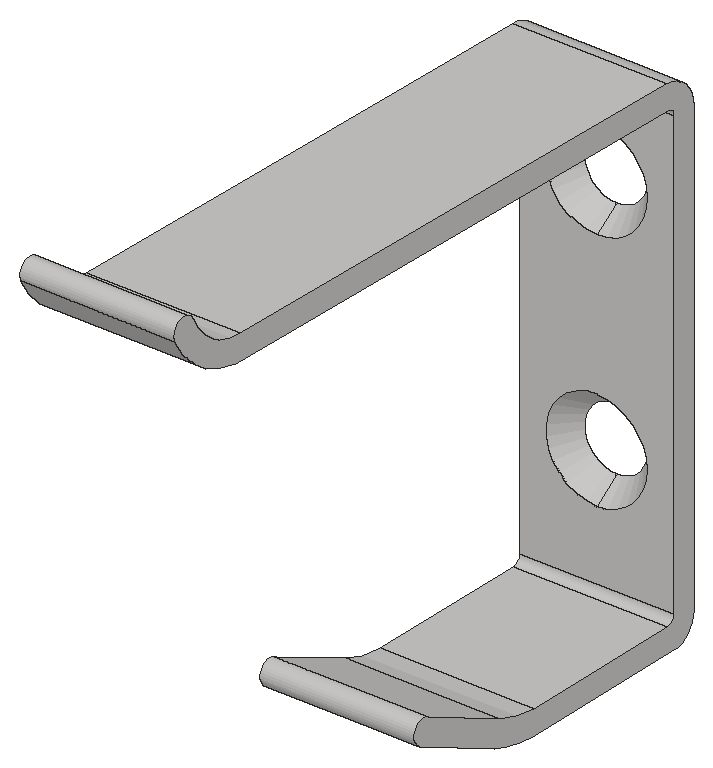
Revit family "Specialty Equipment_Coat Hook_Metlam_ML415923ab96f4-a329-4f78-be12-ca287680a4ae", category Specialty Equipment, Revit 2014
Parameters (values of type "19w x 70h x 80d")
  Type Comments = "ML4159"
  URL = "www.metlam.com.au"
  ModifiedIssue_ANZRS = 20150101  # constant formula
  Model = "ML4159"
  Material = z_Metlam_Metal_Stainless Steel Satin
  Manufacturer_URL__Product Specific = "http://www.metlam.com.au/product/content/hooks/ML4159"
  Manufacturer_Spec Code = Model  # "ML4159"
  Manufacturer_Overall Width = 19 mm  # constant formula
  Manufacturer_Overall Height = 70 mm  # constant formula
  Manufacturer_Overall Depth = 80 mm  # constant formula
  Manufacturer_Height From FFL [instance] = 1400 mm
  Manufacturer = "Metlam"  # constant formula
  Keynote = ""
  Description = "Coat Hook"
  CreatedBy_ANZRS = "IGS - BIM SOLUTIONS"  # constant formula
  CreatedByURL_ANZRS = "http://www.igsgroup.com.au"
  Assembly Code = "C1030200"
Reference planes
  plane 1 "Center (Front/Back)": y = 0
  plane 2: z = 0
  plane 3 "Center (Left/Right)": x = 0
  plane 4 "Coat Hook Left": x = -9.5
  plane 5 "Coat Hook Right": x = 9.5
  plane 6 "MountingHeight": z = 1400
  plane 7 "Coat Hook Top": z = 1435
  plane 8 "Coat Hook Bottom": z = 1365
  plane 9: y = -10
  plane 10 "Coat Hook  Front": y = -80
Forms (mm)
  Extrusion 1, solid, material "z_Metlam_Metal_Stainless Steel Satin"
    sketch origin (0, 0, 0) x (0, 1, 0) y (0, 0, 1)
      loop
        line (0, 1368) -> (0, 1423.8)
        arc (0, 1423.8) -> (-1.212, 1426.767) -> (-4.155, 1428.036) r 4.237
        line (-4.155, 1428.036) -> (-69.734, 1429.316)
        arc (-69.734, 1429.316) -> (-74.125, 1430.663) -> (-77.142, 1434.126) r 8.361
        arc (-77.142, 1434.126) -> (-79.144, 1434.844) -> (-79.851, 1432.839) r 1.5
        arc (-79.851, 1432.839) -> (-76.066, 1428.385) -> (-70.587, 1426.35) r 11.568
        line (-70.587, 1426.35) -> (-3.98, 1425.05)
        arc (-3.98, 1425.05) -> (-3.286, 1424.75) -> (-3, 1424.05) r 1
        line (-3, 1424.05) -> (-3, 1368.984)
        arc (-3, 1368.984) -> (-3.288, 1368.288) -> (-3.984, 1368) r 0.984
        line (-3.984, 1368) -> (-24.49, 1368)
        arc (-24.49, 1368) -> (-27.225, 1368.352) -> (-29.836, 1369.238) r 13.865
        line (-29.836, 1369.238) -> (-40.911, 1374.274)
        arc (-40.911, 1374.274) -> (-42.898, 1373.53) -> (-42.153, 1371.543) r 1.5
        line (-42.153, 1371.543) -> (-30.636, 1366.306)
        arc (-30.636, 1366.306) -> (-27.741, 1365.347) -> (-24.709, 1365.022) r 14.319
        line (-24.709, 1365.022) -> (-3, 1365)
        arc (-3, 1365) -> (-0.879, 1365.879) -> (0, 1368) r 3
    from -9.5 to 9.5
  Revolve 2, void
    sketch origin (0, 0, -7.812) x (0, 1, 0) y (0, 0, 1)
      loop
        line (0.488, 1421.563) -> (0.488, 1425.197) -> (-4, 1428.563) -> (-4, 1421.563) -> (0.488, 1421.563)
      axis (0.488, 1421.563) -> (-4, 1421.563)
    angle from 0 to 360
  Revolve 3, void
    sketch origin (0, 0, -39.531) x (0, 1, 0) y (0, 0, 1)
      loop
        line (0.831, 1423.281) -> (0.831, 1426.627) -> (-3.573, 1429.93) -> (-3.573, 1423.281) -> (0.831, 1423.281)
      axis (0.831, 1423.281) -> (-3.573, 1423.281)
    angle from 0 to 360
Cuts and joins
  Revolve 2, Revolve 3 cuts Extrusion 1
Lines and regions (mm)
  Masking region 1
    outline origin (-737.698, -1524, 1435) x (-1, 0, 0) y (0, -1, 0)
      loop
        line (-728.198, -1524) -> (-728.198, -1444) -> (-747.198, -1444) -> (-747.198, -1524) -> (-728.198, -1524)
  Masking region 2
    outline origin (0, -3, 1424.05) x (0, 0, -1) y (1, 0, 0)
      loop
        line (-10.95, -9.5) -> (59.05, -9.5) -> (59.05, 9.5) -> (-10.95, 9.5) -> (-10.95, -9.5)
  Masking region 3
    outline origin (-9.5, 0, 0) x (0, 1, 0) y (0, 0, 1)
      loop
        arc (-79.851, 1432.839) -> (-76.066, 1428.385) -> (-70.587, 1426.35) r 11.568
        line (-70.587, 1426.35) -> (-3.98, 1425.05)
        arc (-3.98, 1425.05) -> (-3.286, 1424.75) -> (-3, 1424.05) r 1
        line (-3, 1424.05) -> (-3, 1368.984)
        arc (-3, 1368.984) -> (-3.288, 1368.288) -> (-3.984, 1368) r 0.984
        line (-3.984, 1368) -> (-24.49, 1368)
        arc (-24.49, 1368) -> (-27.225, 1368.352) -> (-29.836, 1369.238) r 13.865
        line (-29.836, 1369.238) -> (-40.911, 1374.274)
        arc (-40.911, 1374.274) -> (-42.898, 1373.53) -> (-42.153, 1371.543) r 1.5
        line (-42.153, 1371.543) -> (-30.636, 1366.306)
        arc (-30.636, 1366.306) -> (-27.741, 1365.347) -> (-24.709, 1365.022) r 14.319
        line (-24.709, 1365.022) -> (-3, 1365)
        arc (-3, 1365) -> (-0.879, 1365.879) -> (0, 1368) r 3
        line (0, 1368) -> (0, 1423.8)
        arc (0, 1423.8) -> (-1.212, 1426.767) -> (-4.155, 1428.036) r 4.237
        line (-4.155, 1428.036) -> (-69.734, 1429.316)
        arc (-69.734, 1429.316) -> (-74.125, 1430.663) -> (-77.142, 1434.126) r 8.361
        arc (-77.142, 1434.126) -> (-79.144, 1434.844) -> (-79.851, 1432.839) r 1.5
  symbolic lines, style "Bathroom Fixtures", detail levels medium+fine
    curve 1: circle (0, -3, 1413.75) r 6.25 normal (0, 1, 0)
    curve 2: circle (0, -3, 1383.75) r 6.219 normal (0, 1, 0)
    curve 3: line (-9.5, -3, 1374.409) -> (9.356, -3, 1374.409)
    curve 6: line (-9.5, -3, 1426.35) -> (9.5, -3, 1426.35)
  symbolic lines, style "Bathroom Fixtures", detail levels fine
    curve 4: circle (0, -3, 1413.75) r 4 normal (0, -1, 0)
    curve 5: circle (0, -3, 1383.75) r 3.969 normal (0, -1, 0)
Text (mm)
  text "Disclaimer:\n\nDue to ongoing product development and manufacturing evolution, product details are subject to change without notice.\n\nPlease refer to product technical data sheets on www.metlam.com.au for the most current product information.\n\nPlease allow a +/- 5mm tolerance for dimensions and set-outs shown in product literature.\n\n© Metlam 2015" at (-587.442, 2.366, 0), in view "Ref. Level_Instruction"
Dimensions and locks
  "Manufacturer_Height From FFL": plane 6 "MountingHeight" to plane 2
  "Manufacturer_Overall Height": plane 7 "Coat Hook Top" to plane 8 "Coat Hook Bottom"
  equal spacing: plane 7 "Coat Hook Top", plane 6 "MountingHeight", plane 8 "Coat Hook Bottom"
  equal spacing: plane 5 "Coat Hook Right", plane 3 "Center (Left/Right)", plane 4 "Coat Hook Left", locked at 9.5 each
  "Manufacturer_Overall Width": plane 5 "Coat Hook Right" to plane 4 "Coat Hook Left"
  locked: cut or joined group of Extrusion 1, Revolve 2, Revolve 3 to cut or joined group of Extrusion 1, Revolve 2, Revolve 3 at 3
  "Manufacturer_Overall Depth": plane 10 "Coat Hook  Front" to plane 1 "Center (Front/Back)"
  "Manufacturer_Height From FFL": plane 6 "MountingHeight" to level
  plane 8 "Coat Hook Bottom" to plane 6 "MountingHeight" to plane 7 "Coat Hook Top" = 35 mm, 35 mm
  aligned and locked: plane 1 "Center (Front/Back)" to Extrusion 1 sketch curve
  aligned and locked: Extrusion 1 to plane 4 "Coat Hook Left"
  aligned and locked: Extrusion 1 to plane 5 "Coat Hook Right"
  aligned and locked: Revolve 3 sketch curve to Revolve 3 sketch curve
  aligned and locked: plane 8 "Coat Hook Bottom" to Extrusion 1 sketch curve
  aligned and locked: plane 8 "Coat Hook Bottom" to cut or joined group of Extrusion 1, Revolve 2, Revolve 3
  aligned and locked: cut or joined group of Extrusion 1, Revolve 2, Revolve 3 to plane 1 "Center (Front/Back)"
  aligned and locked: Masking region 1 sketch curve to cut or joined group of Extrusion 1, Revolve 2, Revolve 3  (x3)
  aligned and locked: Masking region 1 sketch curve to plane 10 "Coat Hook  Front"
  aligned and locked: Masking region 2 sketch curve to cut or joined group of Extrusion 1, Revolve 2, Revolve 3  (x3)
  aligned and locked: Masking region 2 sketch curve to plane 7 "Coat Hook Top"
  aligned and locked: curve 1 to cut or joined group of Extrusion 1, Revolve 2, Revolve 3
  aligned and locked: curve 2 to cut or joined group of Extrusion 1, Revolve 2, Revolve 3
  aligned and locked: curve 4 to cut or joined group of Extrusion 1, Revolve 2, Revolve 3
  aligned and locked: curve 5 to cut or joined group of Extrusion 1, Revolve 2, Revolve 3
  aligned and locked: cut or joined group of Extrusion 1, Revolve 2, Revolve 3 to curve 6
  aligned and locked: Masking region 3 sketch curve to cut or joined group of Extrusion 1, Revolve 2, Revolve 3  (x12)
Automatic sketch dimensions
  Revolve 3 sketch curve to plane 1 "Center (Front/Back)" = 0.831 mm
  Revolve 3 sketch curve to plane 1 "Center (Front/Back)" = 6.46 mm
  Revolve 3 sketch curve to Revolve 3 sketch curve = 3.346 mm
  Revolve 3 sketch curve to Revolve 3 sketch curve = 3.303 mm
  Revolve 2 sketch curve to plane 1 "Center (Front/Back)" = 0.488 mm
  Revolve 2 sketch curve to plane 1 "Center (Front/Back)" = 1.855 mm
  Revolve 2 sketch curve to Revolve 2 sketch curve = 3.634 mm
  Revolve 2 sketch curve to Revolve 2 sketch curve = 0 mm  (x2)
  plane 1 "Center (Front/Back)" to Revolve 2 sketch curve = 4 mm
  plane 1 "Center (Front/Back)" to Revolve 3 sketch curve = 3.573 mm
  Revolve 3 sketch curve to Revolve 3 sketch curve = 0.427 mm
  plane 1 "Center (Front/Back)" to Extrusion 1 sketch curve = 3 mm  (x2)
  Extrusion 1 sketch curve to Extrusion 1 sketch curve = 0.984 mm
  Extrusion 1 sketch curve to Extrusion 1 sketch curve = 0.98 mm
  Extrusion 1 sketch curve to Extrusion 1 sketch curve = 0.02 mm
  Extrusion 1 sketch curve to Extrusion 1 sketch curve = 0.174 mm
  Extrusion 1 sketch curve to Extrusion 1 sketch curve = 0.237 mm
  plane 9 to Extrusion 1 sketch curve = 14.097 mm
  Extrusion 1 sketch curve to plane 8 "Coat Hook Bottom" = 3 mm
  Extrusion 1 sketch curve to Extrusion 1 sketch curve = 0.394 mm
  Extrusion 1 sketch curve to plane 8 "Coat Hook Bottom" = 0.022 mm
  Extrusion 1 sketch curve to Extrusion 1 sketch curve = 0.219 mm
  Extrusion 1 sketch curve to Extrusion 1 sketch curve = 0 mm  (x3)
  Extrusion 1 sketch curve to plane 8 "Coat Hook Bottom" = 4.238 mm
  Extrusion 1 sketch curve to plane 8 "Coat Hook Bottom" = 1.306 mm
  Extrusion 1 sketch curve to Extrusion 1 sketch curve = 0.8 mm
  plane 7 "Coat Hook Top" to Extrusion 1 sketch curve = 2.859 mm
  Extrusion 1 sketch curve to Extrusion 1 sketch curve = 0.141 mm
  Extrusion 1 sketch curve to plane 7 "Coat Hook Top" = 5.684 mm
  Extrusion 1 sketch curve to Extrusion 1 sketch curve = 0.163 mm
  Extrusion 1 sketch curve to Extrusion 1 sketch curve = 0.853 mm
  Extrusion 1 sketch curve to plane 7 "Coat Hook Top" = 0.874 mm
  Extrusion 1 sketch curve to Extrusion 1 sketch curve = 7.571 mm
  Extrusion 1 sketch curve to Extrusion 1 sketch curve = 1.358 mm
  Extrusion 1 sketch curve to Extrusion 1 sketch curve = 2.731 mm
  Extrusion 1 sketch curve to Extrusion 1 sketch curve = 5.927 mm
  Extrusion 1 sketch curve to plane 8 "Coat Hook Bottom" = 6.543 mm
  Revolve 3 sketch curve to plane 6 "MountingHeight" = 16.25 mm
  Extrusion 1 sketch curve to plane 7 "Coat Hook Top" = 11.2 mm
  Extrusion 1 sketch curve to Extrusion 1 sketch curve = 0.25 mm
  plane 6 "MountingHeight" to Revolve 2 sketch curve = 13.75 mm
  Revolve 2 sketch curve to Revolve 2 sketch curve = 3.366 mm
  Extrusion 1 sketch curve to Extrusion 1 sketch curve = 11.076 mm
  Extrusion 1 sketch curve to Extrusion 1 sketch curve = 0.621 mm  (x2)
  plane 9 to Extrusion 1 sketch curve = 59.43 mm
  Masking region 3 sketch curve to Masking region 3 sketch curve = 0.853 mm
  Masking region 3 sketch curve to Extrusion 1 = 1.155 mm
  Masking region 3 sketch curve to Extrusion 1 = 0.98 mm
  Masking region 3 sketch curve to Masking region 3 sketch curve = 0.219 mm
  Extrusion 1 to Masking region 3 sketch curve = 1.306 mm
  Masking region 3 sketch curve to Extrusion 1 = 3.543 mm
  Masking region 3 sketch curve to Extrusion 1 = 6.274 mm
  Masking region 3 sketch curve to Extrusion 1 = 1.238 mm
  Masking region 2 to curve 3 = 0 mm
  Masking region 2 to curve 6 = 0 mm
  curve 6 to Masking region 2 = 0 mm
  curve 3 to Masking region 2 = 0.144 mm
  curve 3 to Masking region 2 = 9.409 mm
